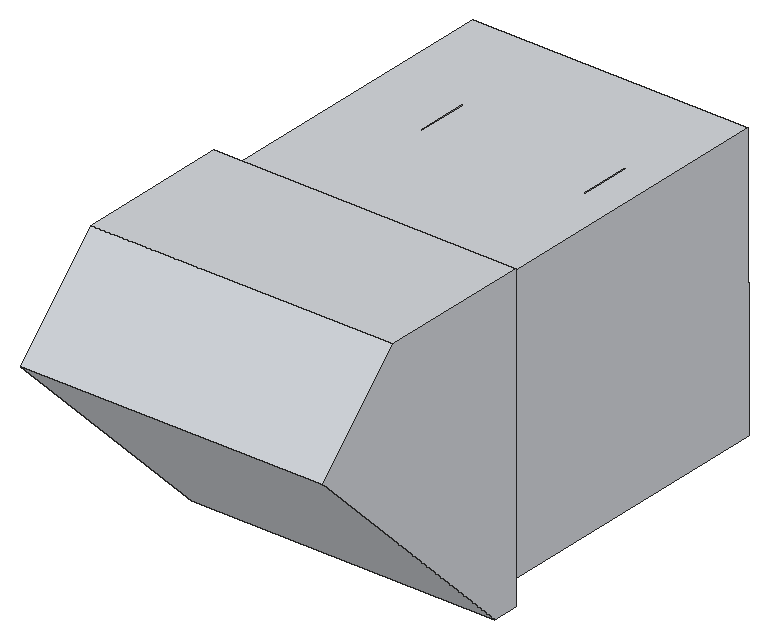
Revit family "APB_SUPPLY", category Mechanical Equipment, Revit 2019
Family settings
  Round Connector Dimension = Use Diameter
  Part Type = Normal
  Work Plane-Based = No
  Always vertical = Yes
  Cut with Voids When Loaded = No
  Shared = No
  Room Calculation Point = No
Parameters (values of type "24_APB_SUPPLY")
  WO_PAC/2 = WO_PAC / 2  # 1' - 3 5/8"
  WO_PAC = B_PAC + 0' 0 1/4"  # 2' - 7 1/4"
  WH_C = 3' - 1"
  WH_B/2 = WH_B / 2  # 1' - 5"
  WH_B = 2' - 10"
  WH_A = 2' - 3 1/8"
  WEATHER_HOOD [instance] = yes
  Unit Weight [instance] = ""
  Sones [instance] = ""
  SIZE/2 = SIZE / 2  # 1' - 0"
  SIZE = 2' - 0"
  Motor RPM [instance] = ""
  Motor Enclosure [instance] = ""
  ModelID [instance] = ""
  MOTOR = D_SUP / 10  # 0' - 3"
  LwA [instance] = ""
  Fan RPM [instance] = ""
  D_SUP/2 = D_SUP / 2  # 1' - 3"
  D_SUP = 2' - 6"
  D_PAC/2 = D_PAC / 2 - 0' 4"  # 1' - 1 3/16"
  D_PAC = 2' - 10 3/8"
  D/2 = D / 2  # 0' - 1"
  D = 0' - 2"
  C_PAC/2 = C_PAC / 2  # 1' - 1 3/4"
  C_PAC = 2' - 3 1/2"
  C/2 = C / 2  # 0' - 3 3/8"
  C = 0' - 6 3/4"
  B_PAC/2 = B_PAC / 2  # 1' - 3 1/2"
  B_PAC = 2' - 7"
  B/4 = B / 4  # 0' - 4 49/64"
  B/2 = B / 2  # 0' - 9 17/32"
  B = 1' - 7 1/16"
  Accessories [instance] = ""
  A_PAC/2 = A_PAC / 2  # 1' - 4 3/4"
  A_PAC = 2' - 9 1/2"
  A/7 = A / 7  # 0' - 4 5/16"
  A/3.5 = A / 3.5  # 0' - 8 5/8"
  A/2 = A / 2  # 1' - 3 3/32"
  A = 2' - 6 3/16"
  90 = 90.00°  # constant formula
  9" = 0' - 9"  # constant formula
  3" = 0' - 3"  # constant formula
  Brake Hp [instance] = ""
  4" = 0' - 4"  # constant formula
  2' = 2' - 0"
  2" = 0' - 2"  # constant formula
  135 = 135.00°  # constant formula
  1" = 0' - 1"  # constant formula
  0 = 0' - 0"  # constant formula
  Voltage [instance] = 0 V
  URL = "www.lorencook.com"
  Type Comments = "Axia-Pac Wall Supply Ventilator Cast Aluminum Propeller Belt Drive"  # constant formula
  Static Pressure [instance] = 0.00 in-wg
  Power [instance] = Voltage * Motor FLA * sqrt(if(Phase = 3, 3, 1))  # 0 VA
  Phase [instance] = 0
  Number of Poles [instance] = 1
  Motor Hp [instance] = "0"
  Motor FLA [instance] = 0 A
  Model = "APB-Supply"  # constant formula
  Manufacturer = "Loren Cook Company"
  CFM [instance] = 0 CFM
  1.5 = 0' - 1 1/2"  # constant formula
  HALF = 0' - 0 1/2"  # constant formula
  ONE EIGTH = 0' - 0 1/8"  # constant formula
  -WH_B/2 = -WH_B / 2  # -1' - 5"
  -D_PAC/2 = -D_PAC / 2 - 0' 4"  # -1' - 9 3/16"
  -D = -D  # -0' - 2"
  -C/2 = -C / 2  # -0' - 3 3/8"
  -B+1" = -B + 0' 2"  # -1' - 5 1/16"
  -B = -B  # -1' - 7 1/16"
  -((SIZE/2)-.25") = -((SIZE / 2) - 0' 0 1/4")  # -0' - 11 3/4"
  -((A/2)-C-.5") = -((A / 2) - C - 0' 0 1/2")  # -0' - 7 27/32"
  (SIZE/2)-.25" = (SIZE / 2) - 0' 0 1/4"  # 0' - 11 3/4"
  (D_SUP/2)-(C/2)-.125" = (D_SUP / 2) - (C / 2) - 0' 0 1/8"  # 0' - 11 1/2"
  (A/2)-C-.5" = (A / 2) - C - 0' 0 1/2"  # 0' - 7 27/32"
  (A/2)-1" = (A / 2) - 0' 0 1/4"  # 1' - 2 27/32"
Types (6): name | WO_PAC/2 | WO_PAC | WH_C | WH_B/2 | WH_B | WH_A | SIZE/2 | SIZE | MOTOR | D_SUP/2 | D_SUP | D_PAC/2 | D_PAC | D/2 | D | C_PAC/2 | C_PAC | C/2 | C | B_PAC/2 | B_PAC | B/4 | B/2 | B | A_PAC/2 | A_PAC | A/7 | A/3.5 | A/2 | A | -WH_B/2 | -D_PAC/2 | -D | -C/2 | -B+1" | -B | -((SIZE/2)-.25") | -((A/2)-C-.5") | (SIZE/2)-.25" | (D_SUP/2)-(C/2)-.125" | (A/2)-C-.5" | (A/2)-1"
  (no name) | 1' - 3 5/8" | 2' - 7 1/4" | 3' - 1" | 1' - 5" | 2' - 10" | 2' - 3 1/8" | 1' - 0" | 2' - 0" | 0' - 3" | 1' - 3" | 2' - 6" | 1' - 1 3/16" | 2' - 10 3/8" | 0' - 1" | 0' - 2" | 1' - 1 3/4" | 2' - 3 1/2" | 0' - 3 3/8" | 0' - 6 3/4" | 1' - 3 1/2" | 2' - 7" | 0' - 4 49/64" | 0' - 9 17/32" | 1' - 7 1/16" | 1' - 4 3/4" | 2' - 9 1/2" | 0' - 4 5/16" | 0' - 8 5/8" | 1' - 3 3/32" | 2' - 6 3/16" | -1' - 5" | -1' - 9 3/16" | -0' - 2" | -0' - 3 3/8" | -1' - 5 1/16" | -1' - 7 1/16" | -0' - 11 3/4" | -0' - 7 27/32" | 0' - 11 3/4" | 0' - 11 1/2" | 0' - 7 27/32" | 1' - 2 27/32"
  24_APB_SUPPLY | 1' - 3 5/8" | 2' - 7 1/4" | 3' - 1" | 1' - 5" | 2' - 10" | 2' - 3 1/8" | 1' - 0" | 2' - 0" | 0' - 3" | 1' - 3" | 2' - 6" | 1' - 1 3/16" | 2' - 10 3/8" | 0' - 1" | 0' - 2" | 1' - 1 3/4" | 2' - 3 1/2" | 0' - 3 3/8" | 0' - 6 3/4" | 1' - 3 1/2" | 2' - 7" | 0' - 4 49/64" | 0' - 9 17/32" | 1' - 7 1/16" | 1' - 4 3/4" | 2' - 9 1/2" | 0' - 4 5/16" | 0' - 8 5/8" | 1' - 3 3/32" | 2' - 6 3/16" | -1' - 5" | -1' - 9 3/16" | -0' - 2" | -0' - 3 3/8" | -1' - 5 1/16" | -1' - 7 1/16" | -0' - 11 3/4" | -0' - 7 27/32" | 0' - 11 3/4" | 0' - 11 1/2" | 0' - 7 27/32" | 1' - 2 27/32"
  30_APB_SUPPLY | 1' - 6 5/8" | 3' - 1 1/4" | 3' - 7" | 1' - 8" | 3' - 4" | 2' - 7 7/16" | 1' - 3" | 2' - 6" | 0' - 3.6" | 1' - 6" | 3' - 0" | 1' - 3" | 3' - 2" | 0' - 1 1/2" | 0' - 3" | 1' - 4 3/4" | 2' - 9 1/2" | 0' - 3 3/8" | 0' - 6 3/4" | 1' - 6 1/2" | 3' - 1" | 0' - 4 49/64" | 0' - 9 17/32" | 1' - 7 1/16" | 1' - 7 3/4" | 3' - 3 1/2" | 0' - 5.16964" | 0' - 10.33929" | 1' - 6 3/32" | 3' - 0 3/16" | -1' - 8" | -1' - 11" | -0' - 3" | -0' - 3 3/8" | -1' - 5 1/16" | -1' - 7 1/16" | -1' - 2 3/4" | -0' - 10 27/32" | 1' - 2 3/4" | 1' - 2 1/2" | 0' - 10 27/32" | 1' - 5 27/32"
  36_APB_SUPPLY | 1' - 9 5/8" | 3' - 7 1/4" | 4' - 1" | 1' - 11" | 3' - 10" | 2' - 11 11/16" | 1' - 6" | 3' - 0" | 0' - 4.2" | 1' - 9" | 3' - 6" | 1' - 3 3/4" | 3' - 3 1/2" | 0' - 1 1/2" | 0' - 3" | 1' - 7 3/4" | 3' - 3 1/2" | 0' - 3 11/16" | 0' - 7 3/8" | 1' - 9 1/2" | 3' - 7" | 0' - 4 49/64" | 0' - 9 17/32" | 1' - 7 1/16" | 1' - 10 3/4" | 3' - 9 1/2" | 0' - 6.02679" | 1' - 0.05357" | 1' - 9 3/32" | 3' - 6 3/16" | -1' - 11" | -1' - 11 3/4" | -0' - 3" | -0' - 3 11/16" | -1' - 5 1/16" | -1' - 7 1/16" | -1' - 5 3/4" | -1' - 1 7/32" | 1' - 5 3/4" | 1' - 5 3/16" | 1' - 1 7/32" | 1' - 8 27/32"
  42_APB_SUPPLY | 2' - 0 21/32" | 4' - 1 5/16" | 4' - 7" | 2' - 2" | 4' - 4" | 3' - 3 15/16" | 1' - 9" | 3' - 6" | 0' - 4.8" | 2' - 0" | 4' - 0" | 1' - 4 7/16" | 3' - 4 7/8" | 0' - 1 1/2" | 0' - 3" | 1' - 10 3/4" | 3' - 9 1/2" | 0' - 3 13/16" | 0' - 7 5/8" | 2' - 0 17/32" | 4' - 1 1/16" | 0' - 5 11/64" | 0' - 10 11/32" | 1' - 8 11/16" | 2' - 1 3/4" | 4' - 3 1/2" | 0' - 6.88393" | 1' - 1.76786" | 2' - 0 3/32" | 4' - 0 3/16" | -2' - 2" | -2' - 0 7/16" | -0' - 3" | -0' - 3 13/16" | -1' - 6 11/16" | -1' - 8 11/16" | -1' - 8 3/4" | -1' - 3 31/32" | 1' - 8 3/4" | 1' - 8 1/16" | 1' - 3 31/32" | 1' - 11 27/32"
  48_APB_SUPPLY | 2' - 3 21/32" | 4' - 7 5/16" | 5' - 1" | 2' - 5" | 4' - 10" | 3' - 8 3/16" | 2' - 0" | 4' - 0" | 0' - 5.4" | 2' - 3" | 4' - 6" | 1' - 9 7/16" | 4' - 2 7/8" | 0' - 1 1/2" | 0' - 3" | 2' - 1 3/4" | 4' - 3 1/2" | 0' - 3 13/16" | 0' - 7 5/8" | 2' - 3 17/32" | 4' - 7 1/16" | 0' - 6 37/64" | 1' - 1 5/32" | 2' - 2 5/16" | 2' - 4 3/4" | 4' - 9 1/2" | 0' - 7.74107" | 1' - 3.48214" | 2' - 3 3/32" | 4' - 6 3/16" | -2' - 5" | -2' - 5 7/16" | -0' - 3" | -0' - 3 13/16" | -2' - 0 5/16" | -2' - 2 5/16" | -1' - 11 3/4" | -1' - 6 31/32" | 1' - 11 3/4" | 1' - 11 1/16" | 1' - 6 31/32" | 2' - 2 27/32"
Reference planes (in)
  plane 1 "Center (Front/Back)": y = 0
  plane 2: z = 0
  plane 3 "Center (Left/Right)": x = 0.40541
Forms (in)
  Revolve 1, solid
    sketch origin (0.40541, 0, 0) x (0, 1, 0) y (0, 0, 1)
      loop
        line (-4.375, 3.375) -> (-4.375, 0) -> (-3.375, 0) -> (-3.375, 3.375) -> (-4.375, 3.375)
      axis (-4.375, 0) -> (-3.375, 0)
    angle from 0 to 360
  Extrusion 2, solid
    sketch origin (0.40541, 0, 0) x (0, 1, 0) y (0, 0, 1)
      loop
        line (0, -3.375) -> (-6.75, 3.375) -> (-6.83839, 3.28661) -> (-0.08839, -3.46339) -> (0, -3.375)
    from 30 to 3.375 <- "C/2"
  Extrusion 3, solid
    sketch origin (0.40541, 0, 0) x (0, 1, 0) y (-1, 0, 0)
      loop
        line (0, -3.375) -> (-6.75, 3.375) -> (-6.83839, 3.28661) -> (-0.08839, -3.46339) -> (0, -3.375)
    from 30 to 3.375 <- "C/2"
  Extrusion 4, solid
    sketch origin (0.40541, 0, 0) x (0, 1, 0) y (0, 0, -1)
      loop
        line (0, -3.375) -> (-6.75, 3.375) -> (-6.83839, 3.28661) -> (-0.08839, -3.46339) -> (0, -3.375)
    from 30 to 3.375 <- "C/2"
  Extrusion 5, solid
    sketch origin (0.40541, 0, 0) x (1, 0, 0) y (0, 1, 0)
      loop
        line (-3.375, 0) -> (-3.46339, -0.08839) -> (3.28661, -6.83839) -> (3.375, -6.75) -> (-3.375, 0)
    from -30 to -3.375 <- "-C/2"
  Extrusion 6, void
    sketch origin (0, 0, 0) x (1, 0, 0) y (0, 0, 1)
      loop
        circle (0.40541, 0) r 11.5
      loop
        circle (0.40541, 0) r 40
    from 0 to 9 <- "9""
  Extrusion 7, solid
    sketch origin (0, 0, 0) x (1, 0, 0) y (0, 0, 1)
      loop
        line (-14.68834, 15.09375) -> (-14.68834, -15.09375) -> (15.49916, -15.09375) -> (15.49916, 15.09375) -> (-14.68834, 15.09375)
      loop
        circle (0.40541, 0) r 15
    from 0 to -0.125
  Extrusion 8, solid
    sketch origin (0, 0, 0) x (1, 0, 0) y (0, 0, 1)
      loop
        line (-14.68834, 15.09375) -> (-14.68834, -15.09375) -> (15.49916, -15.09375) -> (15.49916, 15.09375) -> (-14.68834, 15.09375)
      loop
        line (15.37416, -14.96875) -> (15.37416, 14.96875) -> (-14.56334, 14.96875) -> (-14.56334, -14.96875) -> (15.37416, -14.96875)
    from 0 to -2 <- "-D"
  Extrusion 9, solid
    sketch origin (0, 0, 0) x (1, 0, 0) y (0, 0, 1)
      loop
        circle (0.40541, 0) r 1
    from 2 to -19.0625 <- "-B"
  Extrusion 10, solid
    sketch origin (0, 0, 0) x (1, 0, 0) y (0, 0, 1)
      loop
        line (-8.21959, -2) -> (-8.21959, -11) -> (-8.09459, -11) -> (-8.09459, -3.5) -> (8.90541, -3.5) -> (8.90541, -11) -> (9.03041, -11) -> (9.03041, -2) -> (-8.21959, -2)
    from 0 to -17.0625 <- "-B+1""
  Sweep 11, solid
    path origin (0.40541, 0, 0) x (0, 1, 0) y (0, 0, 1)
      loop
        line (0.125, 13.96875) -> (11.29687, 13.96875)
        arc (11.29687, 13.96875) -> (14.66668, 12.57293) -> (16.0625, 9.20312) r 4.76563
        line (16.0625, 9.20312) -> (16.0625, -9.20312)
        arc (16.0625, -9.20312) -> (14.66668, -12.57293) -> (11.29687, -13.96875) r 4.76563
        line (11.29687, -13.96875) -> (0.125, -13.96875)
    profile origin (0.40541, 5.71094, 13.96875) x (0, 0, 1) y (1, 0, 0)
      loop
        circle (0, -9.125) r 0.5
      loop
        circle (0, 9.125) r 0.5
  Revolve 12, solid
    sketch origin (0.40541, 0, 0) x (0, 1, 0) y (0, 0, 1)
      loop
        arc (-0.125, 15) -> (-1.06972, 12.65813) -> (-3.375, 11.62732) r 3.375
        line (-3.375, 11.62732) -> (-3.375, 11.50223)
        arc (-3.375, 11.50223) -> (-0.98132, 12.56972) -> (0, 15) r 3.5
        line (0, 15) -> (-0.125, 15)
      axis (-3.375, 0) -> (0, 0)
    angle from 0 to 360
  Extrusion 13, solid
    sketch origin (0, 17.0625, 0) x (-1, 0, 0) y (0, 0, 1)
      loop
        circle (-0.40541, -6.5) r 3
    from 0 to -17.0625 <- "-B+1""
  Extrusion 14, solid
    sketch origin (0, 19.0625, 0) x (-1, 0, 0) y (0, 0, 1)
      loop
        circle (-0.40541, -6.5) r 1
    from 0 to -2
  Extrusion 15, solid
    sketch origin (0, 17.0625, 0) x (-1, 0, 0) y (0, 0, 1)
      loop
        line (-3.40541, -0.5) -> (-3.40541, -2) -> (2.59459, -2) -> (2.59459, -0.5) -> (1.53108, -0.5)
        arc (1.53108, -0.5) -> (-0.40541, 2) -> (-2.3419, -0.5) r 2
        line (-2.3419, -0.5) -> (-3.40541, -0.5)
    from -2.5 to -1
  Extrusion 16, solid
    sketch origin (0, 0, 0) x (1, 0, 0) y (0, 0, 1)
      loop
        arc (2.3419, -0.5) -> (0.40541, 2) -> (-1.53108, -0.5) r 2
        line (-1.53108, -0.5) -> (-2.59459, -0.5) -> (-2.59459, -2) -> (3.40541, -2) -> (3.40541, -0.5) -> (2.3419, -0.5)
    from -2.5 to -1
  Extrusion 17, solid
    sketch origin (0, 0, 0) x (1, 0, 0) y (0, 0, 1)
      loop
        line (-14.96959, 15.375) -> (-14.96959, -15.375) -> (15.78041, -15.375) -> (15.78041, 15.375) -> (-14.96959, 15.375)
      loop
        line (15.90541, -15.5) -> (15.90541, 15.5) -> (-15.09459, 15.5) -> (-15.09459, -15.5) -> (15.90541, -15.5)
    from -21.1875 <- "-D_PAC/2" to 13.1875 <- "D_PAC/2"
  Extrusion 18, solid
    sketch origin (0, -13.1875, 0) x (1, 0, 0) y (0, 0, 1)
      loop
        line (-16.34459, 16.75) -> (-16.34459, -16.75) -> (17.15541, -16.75) -> (17.15541, 16.75) -> (-16.34459, 16.75)
      loop
        line (14.15541, -13.75) -> (14.15541, 13.75) -> (-13.34459, 13.75) -> (-13.34459, -13.75) -> (14.15541, -13.75)
    from 0 to 0.125
  Extrusion 19, solid
    sketch origin (0, -13.3125, 0) x (1, 0, 0) y (0, 0, 1)
      loop
        line (-13.34459, 13.75) -> (-13.34459, -13.75) -> (14.15541, -13.75) -> (14.15541, 13.75) -> (-13.34459, 13.75)
      loop
        line (12.15541, -11.75) -> (12.15541, 11.75) -> (-11.34459, 11.75) -> (-11.34459, -11.75) -> (12.15541, -11.75)
    from 0 to 2
  Extrusion 20, solid, visible <- "WEATHER_HOOD"
    sketch origin (0.40541, 0, 0) x (0, 1, 0) y (0, 0, 1)
      loop
        line (-13.3125, 17) -> (-30.5625, 17) -> (-40.4375, 7.125) -> (-16.3125, -17) -> (-13.3125, -17) -> (-13.3125, 17)
    from -17 <- "-WH_B/2" to 17 <- "WH_B/2"
Cuts and joins
  Extrusion 6 cuts Revolve 1
  Extrusion 6 cuts Extrusion 2
  Extrusion 6 cuts Extrusion 3
  Extrusion 6 cuts Extrusion 4
  Extrusion 6 cuts Extrusion 5
Dimensions and locks (in)
  "0": Revolve 1 sketch curve to level  (x2)
  "C/2": Revolve 1 sketch curve to level
  "C/2": plane 1 "Center (Front/Back)" to Revolve 1 sketch curve
  "1"": Revolve 1 sketch curve to Revolve 1 sketch curve
  "0": Extrusion 2 sketch curve to plane 1 "Center (Front/Back)"
  "C": plane 1 "Center (Front/Back)" to Extrusion 2 sketch curve
  "C/2": Extrusion 2 sketch curve to level
  "C/2": level to Extrusion 2 sketch curve
  "ONE EIGTH": Extrusion 2 sketch curve to Extrusion 2 sketch curve
  "ONE EIGTH": Extrusion 3 sketch curve to Extrusion 3 sketch curve
  "ONE EIGTH": Extrusion 4 sketch curve to Extrusion 4 sketch curve
  "ONE EIGTH": Extrusion 5 sketch curve to Extrusion 5 sketch curve
  Extrusion 6 sketch curve to plane 3 "Center (Left/Right)" = 0' - 0"  (x2)
  level to Extrusion 6 sketch curve = 0' - 0"
  Extrusion 6 sketch curve to level = 0' - 0"
  "0": Extrusion 3 sketch curve to plane 1 "Center (Front/Back)"
  "C": Extrusion 3 sketch curve to plane 1 "Center (Front/Back)"
  "C/2": plane 3 "Center (Left/Right)" to Extrusion 3 sketch curve
  "C/2": Extrusion 3 sketch curve to plane 3 "Center (Left/Right)"
  "C": plane 1 "Center (Front/Back)" to Extrusion 4 sketch curve
  "0": Extrusion 4 sketch curve to plane 1 "Center (Front/Back)"
  "C/2": level to Extrusion 4 sketch curve
  "C/2": Extrusion 4 sketch curve to level
  "0": Extrusion 5 sketch curve to plane 1 "Center (Front/Back)"
  "C": Extrusion 5 sketch curve to plane 1 "Center (Front/Back)"
  "C/2": plane 3 "Center (Left/Right)" to Extrusion 5 sketch curve
  "C/2": Extrusion 5 sketch curve to plane 3 "Center (Left/Right)"
  "A/2": plane 3 "Center (Left/Right)" to Extrusion 7 sketch curve
  "A/2": Extrusion 7 sketch curve to plane 3 "Center (Left/Right)"
  "A/2": Extrusion 7 sketch curve to level
  "A/2": level to Extrusion 7 sketch curve
  "0": Extrusion 7 sketch curve to level
  "0": Extrusion 7 sketch curve to plane 3 "Center (Left/Right)"
  "ONE EIGTH": Extrusion 8 sketch curve to Extrusion 8 sketch curve  (x4)
  "A/2": plane 3 "Center (Left/Right)" to Extrusion 8 sketch curve  (x2)
  "A/2": level to Extrusion 8 sketch curve
  "A/2": Extrusion 8 sketch curve to level
  "0": Extrusion 9 sketch curve to level
  "0": Extrusion 9 sketch curve to plane 3 "Center (Left/Right)"
  "2"": level to Extrusion 10 sketch curve
  "9"": Extrusion 10 sketch curve to Extrusion 10 sketch curve  (x2)
  "A/3.5": Extrusion 10 sketch curve to plane 3 "Center (Left/Right)"
  "A/3.5": plane 3 "Center (Left/Right)" to Extrusion 10 sketch curve
  "ONE EIGTH": Sweep 11 sketch curve to plane 1 "Center (Front/Back)"  (x2)
  "1"": Extrusion 8 to Sweep 11 sketch curve  (x2)
  "0": Sweep 11 sketch curve to profile plane  (x2)
  "HALF": Sweep 11 sketch curve to Extrusion 10  (x2)
  "0": Revolve 12 sketch curve to level
  "D_SUP/2": Revolve 12 sketch curve to level
  "ONE EIGTH": plane 1 "Center (Front/Back)" to Revolve 12 sketch curve
  "ONE EIGTH": Revolve 12 sketch curve to Revolve 12 sketch curve
  "0": Revolve 12 sketch curve to Revolve 12 sketch curve
  "ONE EIGTH": Extrusion 10 sketch curve to Extrusion 10 sketch curve  (x2)
  "1.5": Extrusion 10 sketch curve to Extrusion 10 sketch curve
  "1"": Extrusion 10 to Sweep 11 sketch curve
  "0": Extrusion 13 sketch curve to plane 3 "Center (Left/Right)"
  "MOTOR": Extrusion 13 sketch curve to Extrusion 10
  "0": Extrusion 14 sketch curve to plane 3 "Center (Left/Right)"
  "MOTOR": Extrusion 14 sketch curve to Extrusion 10
  "0": Extrusion 10 to Extrusion 15 sketch curve
  "1.5": Extrusion 15 sketch curve to Extrusion 15 sketch curve
  "3"": plane 3 "Center (Left/Right)" to Extrusion 15 sketch curve  (x2)
  "0": Extrusion 15 sketch curve to plane 3 "Center (Left/Right)"
  "0": level to Extrusion 15 sketch curve
  "0": Extrusion 16 sketch curve to plane 3 "Center (Left/Right)"
  "0": Extrusion 16 sketch curve to level
  "0": Extrusion 10 to Extrusion 16 sketch curve
  "1.5": Extrusion 10 to Extrusion 16 sketch curve
  "3"": plane 3 "Center (Left/Right)" to Extrusion 16 sketch curve  (x2)
  "C/2": Extrusion 8 to Revolve 12 sketch curve
  "ONE EIGTH": Extrusion 17 sketch curve to Extrusion 17 sketch curve  (x4)
  "B_PAC/2": Extrusion 17 sketch curve to level
  "B_PAC/2": level to Extrusion 17 sketch curve
  "B_PAC/2": plane 3 "Center (Left/Right)" to Extrusion 17 sketch curve  (x2)
  "A_PAC/2": plane 3 "Center (Left/Right)" to Extrusion 18 sketch curve
  "A_PAC/2": Extrusion 18 sketch curve to plane 3 "Center (Left/Right)"
  "C_PAC/2": plane 3 "Center (Left/Right)" to Extrusion 18 sketch curve  (x2)
  "A_PAC/2": Extrusion 18 sketch curve to level
  "C_PAC/2": Extrusion 18 sketch curve to level
  "C_PAC/2": level to Extrusion 18 sketch curve
  "A_PAC/2": level to Extrusion 18 sketch curve
  "2"": Extrusion 19 sketch curve to Extrusion 19 sketch curve  (x4)
  "C_PAC/2": plane 3 "Center (Left/Right)" to Extrusion 19 sketch curve
  "C_PAC/2": Extrusion 19 sketch curve to plane 3 "Center (Left/Right)"
  "C_PAC/2": Extrusion 19 sketch curve to level
  "C_PAC/2": level to Extrusion 19 sketch curve
  "0": Extrusion 18 to Extrusion 20 sketch curve
  "WH_A": Extrusion 20 sketch curve to Extrusion 20 sketch curve
  "3"": Extrusion 20 sketch curve to Extrusion 20 sketch curve
  "WH_B/2": Extrusion 20 sketch curve to level
  "WH_B/2": level to Extrusion 20 sketch curve
  "(D_SUP/2)-(C/2)-.125"": radius of Extrusion 6 sketch curve
  "D_SUP/2": radius of Extrusion 7 sketch curve
  "1"": radius of Extrusion 9 sketch curve
  "B/4": radius of Sweep 11 sketch curve  (x2)
  "HALF": radius of Sweep 11 sketch curve  (x2)
  "MOTOR": radius of Extrusion 13 sketch curve
  "1"": radius of Extrusion 14 sketch curve
  "2"": radius of Extrusion 15 sketch curve
  "2"": radius of Extrusion 16 sketch curve
  "135": angle Extrusion 20 sketch curve to Extrusion 20 sketch curve
  "90": angle Extrusion 20 sketch curve to Extrusion 20 sketch curve
Automatic sketch dimensions
  Revolve 1 sketch curve to plane 1 "Center (Front/Back)" = 0' - 0"
  Revolve 1 sketch curve to Revolve 1 sketch curve = 2' - 2"
  Extrusion 15 sketch curve to Extrusion 15 sketch curve = 0' - 1.06351"
  Extrusion 16 sketch curve to Extrusion 16 sketch curve = 0' - 1.06351"
  Extrusion 16 sketch curve to Extrusion 16 sketch curve = 0' - 0"  (x2)
  plane 1 "Center (Front/Back)" to Revolve 12 sketch curve = 0' - 3 1/4"
  Revolve 12 sketch curve to Revolve 12 sketch curve = 0' - 1.44822"
  Revolve 12 sketch curve to Revolve 12 sketch curve = 0' - 0"
  Revolve 12 sketch curve to Revolve 12 sketch curve = 0' - 0 1/8"
  radius of Extrusion 6 sketch curve = 3' - 4"
Connectors (in)
  electrical at (0.40541, 0, -6.5)
    settings: on Extrusion 13, index 2, voltage 0 V, apparent load 0 VA, apparent load phase1 0 VA, apparent load phase2 0 VA, apparent load phase3 0 VA, power factor 1, load classification "Other", number of poles 1, system type 30, power factor state 1, is connector primary yes, connector utility no, sub classification motor no, connector description ""
  hvac at (0.40541, -15.3125, 0), driven by "WO_PAC", driven by "WO_PAC", driven by "CFM"
    settings: on Extrusion 19, index 3, duct flow 0 CFM, flow factor 0, pres drop 0.00 in-wg, loss coef 0, conn angle 0.00°, conn width 31 1/4", conn height 31 1/4", conn diameter 24", duct sys type 1, conn prof type 1, flow config 0, flow direction 1, loss method 0, conn ref index -1, conn util no, is conn primary yes, conn desc ""
  hvac at (0.40541, 21.1875, 0), driven by "WO_PAC", driven by "WO_PAC", driven by "CFM"
    settings: on Extrusion 17, index 4, duct flow 0 CFM, flow factor 0, pres drop 0.00 in-wg, loss coef 0, conn angle 0.00°, conn width 31 1/4", conn height 31 1/4", conn diameter 24", duct sys type 1, conn prof type 1, flow config 0, flow direction 2, loss method 0, conn ref index -1, conn util no, is conn primary no, conn desc ""
